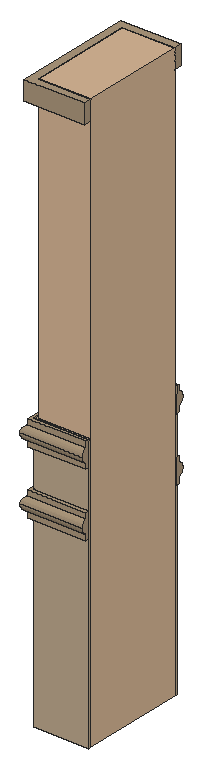
Revit family "GEN_A3-671-MIDDLE-GRND", category Columns, Revit 2016
Family settings
  Cut with Voids When Loaded = No
  Automatically joins geometry to walls = Yes
  Shared = No
  Show family pre-cut in plan views = Yes
Parameters (values of type "646-DS-C-85")
  STEP = 85 mm
  NIB WIDTH = 460 mm
  NIB = 230 mm
  Assembly Code = ""
Reference planes
  plane 1 "Center (Front/Back)": y = 20
  plane 2: z = 0
  plane 3 "Center (Left/Right)": x = -20
  plane 4 "Left": x = -250
  plane 5 "Back": y = 250
  plane 6 "Front": y = -210
  plane 7: z = -85
  plane 8: z = 850
  plane 9: z = 1020
Forms (mm)
  Extrusion 1, solid, material "-WALL"
    sketch origin (0, 0, 0) x (1, 0, 0) y (0, 1, 0)
      loop
        line (-250, -210) -> (-20, -210) -> (-20, 250) -> (-250, 250) -> (-250, -210)
    from -85 to 2465
  Sweep 2, solid, material "-CORBEL"
    path origin (-101.756, 0, 2465) x (1, 0, 0) y (0, 1, 0)
      loop
        line (81.756, 250) -> (-148.244, 250) -> (-148.244, -210) -> (81.756, -210)
    profile "HEADER : HEADER" origin (-135, -210, 2465) x (0, 1, 0) y (0, 0, 1)
      loop
        line (0, -85) -> (0, 0) -> (-35, 0) -> (-35, -85) -> (0, -85)
  Sweep 3, solid, material "-CORBEL"
    path origin (-1690.302, 0, 825) x (0, 1, 0) y (-1, 0, 0)
      loop
        line (260, -1670.302) -> (260, -1430.302) -> (-220, -1430.302) -> (-220, -1670.302)
    profile "MOKOKA wrap : MOKOKA wrap" origin (-140, 260, 825) x (0, -1, 0) y (0, 0, 1)
      loop
        line (-15, 25) -> (-15, 0)
        arc (-15, 0) -> (-29.542, -11.972) -> (-35, -30) r 32.5
        arc (-35, -30) -> (-29.542, -48.028) -> (-15, -60) r 32.5
        line (-15, -60) -> (-15, -85) -> (0, -85) -> (0, 25) -> (-15, 25)
  Extrusion 4, solid, material "-STONE PLINTH"
    sketch origin (0, 0, 0) x (1, 0, 0) y (0, 1, 0)
      loop
        line (-20, -210) -> (-250, -210) -> (-250, 250) -> (-20, 250) -> (-20, 260) -> (-260, 260) -> (-260, -220) -> (-20, -220) -> (-20, -210)
    from -85 to 1130
  Sweep 5, solid, material "-CORBEL"
    path origin (-1690.302, 0, 1105) x (0, 1, 0) y (-1, 0, 0)
      loop
        line (260, -1670.302) -> (260, -1430.302) -> (-220, -1430.302) -> (-220, -1670.302)
    profile "MOKOKA wrap : MOKOKA wrap" origin (-140, 260, 1105) x (0, -1, 0) y (0, 0, 1)
      loop
        line (-15, 25) -> (-15, 0)
        arc (-15, 0) -> (-29.542, -11.972) -> (-35, -30) r 32.5
        arc (-35, -30) -> (-29.542, -48.028) -> (-15, -60) r 32.5
        line (-15, -60) -> (-15, -85) -> (0, -85) -> (0, 25) -> (-15, 25)
Dimensions and locks
  "NIB WIDTH": plane 6 "Front" to plane 5 "Back"
  "NIB": plane 1 "Center (Front/Back)" to plane 5 "Back"
  "NIB": plane 4 "Left" to plane 3 "Center (Left/Right)"
  "STEP": plane 7 to level
  level to plane 8 to plane 9 = 850 mm locked, 170 mm locked
  aligned and locked: Extrusion 1 sketch curve to plane 4 "Left"
  aligned and locked: Extrusion 1 sketch curve to plane 5 "Back"
  aligned and locked: Extrusion 1 sketch curve to plane 6 "Front"
  aligned and locked: Extrusion 1 sketch curve to plane 3 "Center (Left/Right)"
  aligned and locked: level to Extrusion 1
  aligned and locked: plane 7 to Extrusion 1
  aligned and locked: plane 8 to Sweep 3
  aligned and locked: Sweep 5 to plane 9
Automatic sketch dimensions
  Extrusion 4 sketch curve to plane 4 "Left" = 0 mm
  Extrusion 4 sketch curve to plane 3 "Center (Left/Right)" = 0 mm  (x2)
  Extrusion 4 sketch curve to plane 6 "Front" = 0 mm
  Extrusion 4 sketch curve to plane 5 "Back" = 0 mm
  plane 4 "Left" to Extrusion 4 sketch curve = 10 mm
  plane 6 "Front" to Extrusion 4 sketch curve = 10 mm
  Extrusion 4 sketch curve to plane 5 "Back" = 10 mm
  Sweep 5 sketch curve to plane 3 "Center (Left/Right)" = 0 mm  (x2)
  plane 6 "Front" to Sweep 5 sketch curve = 10 mm
  Sweep 5 sketch curve to plane 5 "Back" = 10 mm
  plane 4 "Left" to Sweep 5 sketch curve = 10 mm
  Sweep 3 sketch curve to plane 3 "Center (Left/Right)" = 0 mm  (x2)
  plane 6 "Front" to Sweep 3 sketch curve = 10 mm
  Sweep 3 sketch curve to plane 5 "Back" = 10 mm
  plane 4 "Left" to Sweep 3 sketch curve = 10 mm
  Sweep 2 sketch curve to plane 4 "Left" = 0 mm
  Sweep 2 sketch curve to plane 3 "Center (Left/Right)" = 0 mm  (x2)
  Sweep 2 sketch curve to plane 6 "Front" = 0 mm
  Sweep 2 sketch curve to plane 5 "Back" = 0 mm
